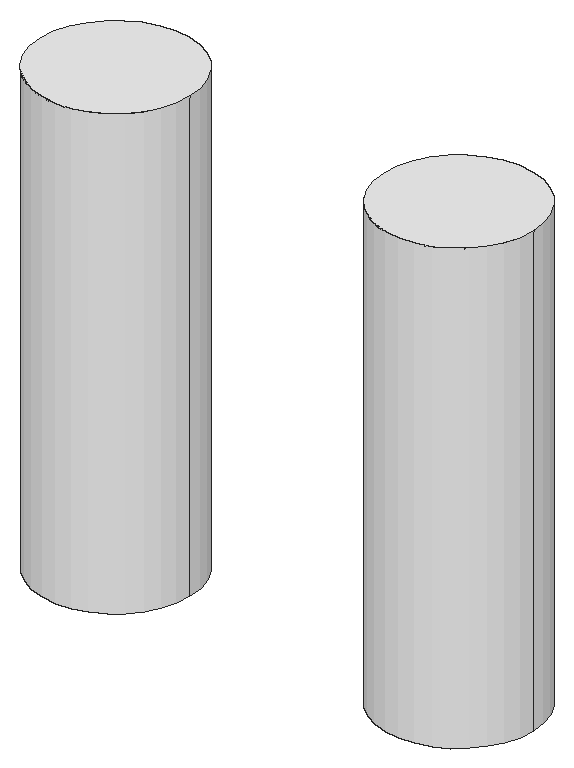
Revit family "00902201(2022)", category Plumbing Fixtures, Revit 2018
Family settings
  Round Connector Dimension = Use Diameter
  Part Type = Normal
  OmniClass Number = 23.45.55.00
  OmniClass Title = Sanitary Faucets, Wastes
  Work Plane-Based = No
  Always vertical = Yes
  Cut with Voids When Loaded = No
  Shared = No
  Room Calculation Point = No
Parameters (values of type "00902201 Cold water faucet")
  Working Pressure = "50 - 1000 kPa "
  WarrantyStartDate [instance] = "n/a"
  WarrantyGuarantorParts = "n/a"
  WarrantyGuarantorLabor = "n/a"
  WarrantyDurationUnit = "Year"
  WarrantyDurationParts = "n/a"
  WarrantyDurationLabor = "n/a"
  WarrantyDescription = "http://warranty.hansa.com"
  Warranty Information URL = "http://warranty.hansa.com"
  VersionDate = "23/11/2022"
  Version = "1"
  ValvePattern = "n/a"
  ValveOperation = "n/a"
  ValveMechanism = "n/a"
  Uniclass2015Reference = "Pr_40_20_87_96"
  Uniclass2015Description = "Washbasin manual water supply sets"
  Uniclass2 = "Pr_40_30_96_96"
  URL REACH = "http://static.hansa.com/doc/reach"
  URL Declaration of Conformity = "http://static.hansa.com/DoC/00902201"
  URL = ""
  UNSPSC Class Number = "30181700 Faucets or taps"
  Type Comments = ""
  TestPressure = "n/a"
  Technical DataSheet URL = "http://www.hansa.com/datasheet/00902201/en"
  TagNumber [instance] = "n/a"
  SustainabilityPerformance = "n/a"
  Surface treatment = "Chrome"
  Spout Type = "Fixed spout;Casted construction"
  Spout Projection = "84 mm "
  Spare-Part Information URL = "http://static.hansa.com/sp/00902201"
  Size = "50x120x145 mm"
  Shape = "Sculptured"
  SerialNumber [instance] = "n/a"
  Sales Package dimensions (LxWxH) = "380 x 180 x 74"
  Revision = "n/a"
  ReplacementCost = "n/a"
  ProductInformation = "n/a"
  Product URL = "http://static.hansa.com/00902201"
  Product Image URL = "http://static.hansa.com/image/00902201"
  Product Family = "HANSANOVA "
  Product Code = "00902201"
  OperatingMechanismMaterial = "n/a"
  NominalWidth = 46 mm
  NominalHeight = 142.017 mm
  NominalDepth = 119.99 mm
  Noise Class = "I (ISO 3822)"
  Name_en = "00902201 Cold water faucet"
  Name = "00902201 Cold water faucet"
  NBSReference = "45-35-70/371"
  NBSDescription = "Water supply fittings for wash basins and troughs"
  Mounting Holes = "1 hole"
  ModelReference = "00902201"
  ModelNumber = "n/a"
  Model = "00902201 Cold water faucet"
  Mobile Product Information URL = "http://mpi.hansa.com/00902201"
  Mechanical Parts = "Ceramic head part for flow control"
  Max. Hot Water Supply = 80 °C
  Material = "brassPlastic"
  Market = "International;Germany;Austria;Belgium;Netherlands;Italy"
  ManufacturerURL = "http://www.hansa.com"
  ManufacturerName = "HANSA"
  Manufacturer = "HANSA"
  Lever Handle = "Single operating lever/handle"
  Keynote = ""
  Interactive AR View URL = "https://static.hansa.com/AR/00902201"
  InstallationDate [instance] = "n/a"
  Installation and Maintenance Guide URL = "http://static.hansa.com/manual/00902201"
  Installation Type = "Deck mounted"
  InletConnectionSize = 10 mm
  IfcExportType = "FAUCET"  # constant formula
  IfcExportAs = "IfcValveType"  # constant formula
  Group = "Washbasin faucet"
  Grade = "n/a"
  FlowCoefficient = 0
  Flow Rate At 300kPa With Flow Controller = 0.1 L/s
  Flow Drawing URL = "http://static.hansa.com/flowchart/00902201"
  Finish = "Polished"
  Features = "Single-lever"
  FaucetMainMaterial = Brass
  FDV Document URL = "http://www.hansa.com/datasheet/00902201/en/fdv"
  ExpectedLife = "n/a"
  ETIM Class Number = "EC011328 Washbasin mixing tap"
  EN Standard = "EN 817"
  EAN Number = "4057304019807"
  DurationUnit = "Year"
  Dimension Drawing URL = "http://static.hansa.com/dimdrw/00902201"
  Description = ""
  DefaultElevation [instance] = 900 mm
  Constituents = "n/a"
  Connection Size = "G3/8 "
  Connection = "One inlet for cold or premixed water"
  Color = "Chrome"
  CodePerformance = "n/a"
  CloseOffRating = 0
  Catalog Drawing URL = "http://static.hansa.com/catdrw/00902201"
  Brand = "HANSA"
  BodyMaterial = "Brass"
  Barcode [instance] = "n/a"
  Backflow Prevention EN1717 = "AA"
  BIMObjectName = "00902201(2022)"
  Author = "BIMStone"
  AssetType = "Fixed"
  AssetIdentifier [instance] = "n/a"
  Aerator = "PCA® - constant flow rate regardless of pressure variations;Adjustable flow angle"
  Advanced Features = "Inner body made of DZR brass"
  AccessibilityPerformance = "n/a"
  3D View = "https://static.hansa.com/AR/00902201"
  2D/3D/BIM Files URL = "http://static.hansa.com/bim/00902201"
Reference planes
  plane 1 "Center (Front/Back)": y = 0
  plane 2: z = 0
  plane 3 "Center (Left/Right)": x = 0
  plane 4: x = -23
  plane 5: z = 900
  plane 6: z = 870
  plane 7: y = -119.99
  plane 8: x = 23
  plane 9: z = 1042.017
Forms (mm)
  Extrusion 1, solid, material "Brass" <- "FaucetMainMaterial"
    sketch origin (0, -0.5, 0) x (1, 0, 0) y (0, 1, 0)
      loop
        circle (-11.5, -22.5) r 5
      loop
        circle (11.5, -22.5) r 5
    from 870 to 900
Dimensions and locks
  "DefaultElevation": plane 5 to level
  locked: plane 5 to plane 6 at 30
  "NominalDepth": plane 7 to plane 1 "Center (Front/Back)"
  equal spacing: plane 4, plane 3 "Center (Left/Right)", plane 8
  "NominalHeight": plane 9 to plane 5
  "NominalWidth": plane 4 to plane 8
  "InletConnectionSize": diameter of Extrusion 1 sketch curve  (x2)
  aligned and locked: level to plane 2
  aligned and locked: plane 5 to Extrusion 1
  aligned and locked: Extrusion 1 to plane 6
  aligned and locked: plane 1 "Center (Front/Back)" to nested 2
  aligned and locked: plane 3 "Center (Left/Right)" to nested 2
  aligned and locked: plane 3 "Center (Left/Right)" to nested 1
  aligned and locked: plane 1 "Center (Front/Back)" to nested 1
  aligned and locked: plane 5 to nested 2
Automatic sketch dimensions
  Extrusion 1 sketch curve to plane 3 "Center (Left/Right)" = 11.5 mm
  plane 3 "Center (Left/Right)" to Extrusion 1 sketch curve = 11.5 mm
  plane 1 "Center (Front/Back)" to Extrusion 1 sketch curve = 23 mm  (x2)
Nested families
  nested 1: "Symbol" at (0, 0, 0), type "Symbol", detail levels coarse
  nested 2: "00902201_Body" at (0, 0, 900), Material <- "FaucetMainMaterial", type "00902201_Body"
    with Material Brass
Connectors
  piping at (-11.5, -23, 870), diameter 10, driven by "InletConnectionSize", driven by "Flow Rate At 300kPa With Flow Controller"
    settings: on Extrusion 1, index 1, connector inside diameter 609.6 mm, connector length 0 mm, flow factor 0, pipe flow 0.1 L/s, pressure drop 0.0 Pa, fitting loss kfactor 0, connector angle 0.00°, fixture units 0, engagement length 0 mm, angle of deflection 0.00°, flow configuration 1, flow direction 1, fitting loss method 0, system type 19, joint type 0, gender type 0, connector reference index -1, connector utility 0, adjustable connector no, is connector primary yes, connector description ""
  piping at (11.5, -23, 870), diameter 10, driven by "InletConnectionSize", driven by "Flow Rate At 300kPa With Flow Controller"
    settings: on Extrusion 1, index 2, connector inside diameter 609.6 mm, connector length 0 mm, flow factor 0, pipe flow 0.1 L/s, pressure drop 0.0 Pa, fitting loss kfactor 0, connector angle 0.00°, fixture units 0, engagement length 0 mm, angle of deflection 0.00°, flow configuration 1, flow direction 1, fitting loss method 0, system type 20, joint type 0, gender type 0, connector reference index -1, connector utility 0, adjustable connector no, is connector primary no, connector description ""
Definition of nested family "Symbol"
  Reference planes
    plane 1: y = 0
    plane 2: x = 0
  Lines and regions (mm)
    detail lines
      curve 1: line (0, 0, 0) -> (0, -1.8, 0)
      curve 2: line (-0.4, -1.1, 0) -> (0.4, -1.1, 0)
      curve 3: line (-0.4, -1.4, 0) -> (0.4, -1.4, 0)
      curve 4: line (0.863, 0, 0) -> (-0.863, 0, 0)
      curve 5: circle (-1.163, 0, 0) r 0.3 normal (0, 0, -1)
      curve 6: circle (1.163, 0, 0) r 0.3 normal (0, 0, 1)
Definition of nested family "00902201_Body"
  Parameters (values of type "00902201_Body")
    Material [instance] = none
  Reference planes
    plane 1 "Center (Front/Back)": y = 0
    plane 2: z = 0
    plane 3 "Center (Left/Right)": x = 0
    plane 4: z = 142.017
    plane 5: y = -119.99
    plane 6: x = -23
    plane 7: x = 23
  Forms (mm)
    Extrusion 1, solid, material <- "Material", detail levels medium
      sketch origin (0, 0, 11.035) x (0, 1, 0) y (0, 0, 1)
        loop
          line (-23.504, 89.465) -> (-118.83, 89.465)
          arc (-118.83, 89.465) -> (-119.65, 89.126) -> (-119.99, 88.305) r 1.16
          line (-119.99, 88.305) -> (-119.99, 79.715) -> (-91.329, 68.713) -> (-23.504, 64.632) -> (-23.504, 89.465)
      from -20 to 20
    Revolve 2, solid, material <- "Material", detail levels medium
      sketch origin (0, 17, 11.035) x (0, 1, 0) y (0, 0, 1)
        loop
          line (-123.641, 68.298) -> (-112.481, 64.014) -> (-109.32, 72.25) -> (-120.48, 76.534) -> (-123.641, 68.298)
        axis (-120.48, 76.534) -> (-123.641, 68.298)
      angle from 0 to 360
    Extrusion 3, solid, material <- "Material", detail levels coarse
      sketch origin (0, 0, 0) x (1, 0, 0) y (0, 1, 0)
        loop
          line (-23, 0) -> (-23, -119.99) -> (23, -119.99) -> (23, 0) -> (-23, 0)
      from 0 to 142.017
    Revolve 4, solid, material <- "Material", detail levels medium
      sketch origin (0, 0, 0) x (0, 1, 0) y (0, 0, 1)
        loop
          line (0, 0) -> (-3.52, 142.017) -> (-23, 142.017) -> (-23, 0) -> (0, 0)
        axis (-23, 0) -> (-23, 142.017)
      angle from 0 to 90
    Extrusion 5, solid, material <- "Material", detail levels medium
      sketch origin (0, 0, 0) x (1, 0, 0) y (0, 1, 0)
        loop
          circle (0, -43.859) r 3.561
      from 116.303 to 142.017
  Cuts and joins
    joined: Extrusion 1, Revolve 2, Revolve 4, Extrusion 5
  Lines and regions (mm)
    symbolic lines, detail levels medium+fine
      curve 1: line (0, -3.496, 141.042) -> (0, 0, 0)
      curve 2: line (0, 0, 0) -> (0, -46, 0)
      curve 3: line (0, -4.496, 142.017) -> (0, -42.48, 142.017)
      curve 4: line (0, -47.419, 119.303) -> (0, -47.419, 140.735)
      curve 5: line (0, -46.137, 142.017) -> (0, -42.48, 142.017)
      curve 6: arc (0, -43.734, 116.383) -> (0, -46.283, 116.952) -> (0, -47.419, 119.303) r 3
      curve 7: arc (0, -47.419, 140.735) -> (0, -47.044, 141.641) -> (0, -46.137, 142.017) r 1.282
      curve 8: line (0, -42.506, 115.409) -> (0, -42.506, 100.5)
      curve 10: line (0, -119.99, 99.5) -> (0, -119.99, 96.79)
      curve 11: arc (0, -119.99, 96.79) -> (0, -119.486, 93.237) -> (0, -118.015, 89.964) r 12.778
      curve 12: line (0, -118.015, 89.964) -> (0, -115.705, 89.078)
      curve 13: line (0, -91.542, 79.802) -> (0, -56.634, 77.747)
      curve 14: line (0, -44.403, 64.448) -> (0, -46, 0)
      curve 15: arc (0, -56.634, 77.747) -> (0, -47.83, 73.57) -> (0, -44.403, 64.448) r 13
      curve 16: arc (0, -42.506, 115.409) -> (0, -42.885, 116.193) -> (0, -43.734, 116.383) r 1
      curve 17: arc (0, -4.496, 142.017) -> (0, -3.797, 141.733) -> (0, -3.496, 141.042) r 1
      curve 19: line (0, -42.506, 100.5) -> (0, -118.99, 100.5)
      curve 20: line (0, -95.481, 75.049) -> (0, -117.801, 83.616)
      curve 21: line (0, -95.481, 75.049) -> (0, -93.385, 80.51)
      curve 22: line (0, -117.801, 83.616) -> (0, -115.705, 89.078)
      curve 24: line (0, -93.385, 80.51) -> (0, -91.542, 79.802)
      curve 25: arc (0, -118.99, 100.5) -> (0, -119.697, 100.207) -> (0, -119.99, 99.5) r 1
      curve 33: line (-19.472, 0, 99.535) -> (-23, 0, 0)
      curve 34: line (-18.473, 0, 100.5) -> (-17.526, 0, 100.5)
      curve 35: arc (-19.472, 0, 99.535) -> (-19.167, 0, 100.22) -> (-18.473, 0, 100.5) r 1
      curve 36: line (-18.489, 0, 101.005) -> (-17.526, 0, 101.005)
      curve 37: line (-19.489, 0, 102.005) -> (-19.489, 0, 141.017)
      curve 38: line (0, 0, 142.017) -> (-18.489, 0, 142.017)
      curve 39: arc (-18.489, 0, 142.017) -> (-19.196, 0, 141.724) -> (-19.489, 0, 141.017) r 1
      curve 40: arc (-19.489, 0, 102.005) -> (-19.196, 0, 101.298) -> (-18.489, 0, 101.005) r 1
      curve 41: line (-17.526, 0, 101.005) -> (-17.526, 0, 100.5)
      curve 45: line (19.472, 0, 99.535) -> (23, 0, 0)
      curve 46: line (18.473, 0, 100.5) -> (17.526, 0, 100.5)
      curve 47: arc (19.472, 0, 99.535) -> (19.167, 0, 100.22) -> (18.473, 0, 100.5) r 1
      curve 48: line (18.489, 0, 101.005) -> (17.526, 0, 101.005)
      curve 49: line (19.489, 0, 102.005) -> (19.489, 0, 141.017)
      curve 50: line (0, 0, 142.017) -> (18.489, 0, 142.017)
      curve 51: arc (18.489, 0, 142.017) -> (19.196, 0, 141.724) -> (19.489, 0, 141.017) r 1
      curve 52: arc (19.489, 0, 102.005) -> (19.196, 0, 101.298) -> (18.489, 0, 101.005) r 1
      curve 53: line (17.526, 0, 101.005) -> (17.526, 0, 100.5)
      curve 58: line (-23, 0, 0) -> (23, 0, 0)
      curve 59: arc (18.917, -36.082, 0) -> (0, 0, 0) -> (-18.917, -36.082, 0) r 23
      curve 61: spline (16.641, -103.393, 0) -> (15.791, -107.774, 0) -> (13.975, -111.795, 0) -> (11.306, -115.21, 0) -> (7.944, -117.81, 0) -> (4.097, -119.437, 0) -> (0, -119.99, 0) -> (-4.097, -119.437, 0) -> (-7.944, -117.81, 0) -> (-11.306, -115.21, 0) -> (-13.975, -111.795, 0) -> (-15.791, -107.774, 0) -> (-16.641, -103.393, 0)
      curve 63: line (18.917, -36.082, 0) -> (16.641, -103.393, 0)
      curve 64: line (-18.917, -36.082, 0) -> (-16.641, -103.393, 0)
    symbolic lines, detail levels fine
      curve 9: line (0, -2.491, 100.5) -> (0, -42.506, 100.5)
      curve 18: line (0, -42.506, 115.409) -> (0, -42.506, 142.219)
      curve 23: line (0, -115.705, 89.078) -> (0, -93.385, 80.51)
      curve 26: line (-11.073, 0, 78.301) -> (-11.073, 0, 84.66)
      curve 27: spline (11.073, 0, 78.301) -> (10.696, 0, 77.569) -> (9.59, 0, 76.886) -> (7.83, 0, 76.3) -> (5.537, 0, 75.85) -> (2.866, 0, 75.568) -> (0, 0, 75.471) -> (-2.866, 0, 75.568) -> (-5.537, 0, 75.85) -> (-7.83, 0, 76.3) -> (-9.59, 0, 76.886) -> (-10.696, 0, 77.569) -> (-11.073, 0, 78.301) -> (-10.696, 0, 79.034) -> (-9.59, 0, 79.717) -> (-7.83, 0, 80.303) -> (-5.537, 0, 80.753) -> (-2.866, 0, 81.035) -> (0, 0, 81.132) -> (2.866, 0, 81.035) -> (5.537, 0, 80.753) -> (7.83, 0, 80.303) -> (9.59, 0, 79.717) -> (10.696, 0, 79.034) -> (11.073, 0, 78.301)
      curve 28: spline (12.066, 0, 84.66) -> (11.655, 0, 85.802) -> (10.449, 0, 86.866) -> (8.532, 0, 87.779) -> (6.033, 0, 88.48) -> (3.123, 0, 88.921) -> (0, 0, 89.071) -> (-3.123, 0, 88.921) -> (-6.033, 0, 88.48) -> (-8.532, 0, 87.779) -> (-10.449, 0, 86.866) -> (-11.655, 0, 85.802) -> (-12.066, 0, 84.66)
      curve 29: arc (-12.066, 0, 84.66) -> (-11.812, 0, 82.995) -> (-11.073, 0, 81.481) r 5.589
      curve 30: arc (12.066, 0, 84.66) -> (11.812, 0, 82.995) -> (11.073, 0, 81.481) r 5.589
      curve 31: line (11.073, 0, 78.301) -> (11.073, 0, 84.66)
      curve 32: line (-11.073, 0, 84.66) -> (11.073, 0, 84.66)
      curve 42: line (-3.512, 0, 119.476) -> (-3.512, 0, 142.017)
      curve 43: line (3.512, 0, 119.476) -> (3.512, 0, 142.017)
      curve 44: arc (3.512, 0, 119.476) -> (0, 0, 115.964) -> (-3.512, 0, 119.476) r 3.512
      curve 54: line (17.526, 0, 100.5) -> (0, 0, 100.5)
      curve 55: line (17.526, 0, 101.005) -> (0, 0, 101.005)
      curve 56: line (-17.526, 0, 100.5) -> (0, 0, 100.5)
      curve 57: line (-17.526, 0, 101.005) -> (0, 0, 101.005)
      curve 60: line (-19.379, -22.423, 0) -> (-18.917, -36.082, 0)
      curve 62: line (19.379, -22.423, 0) -> (18.917, -36.082, 0)
      curve 65: arc (-3.56, -43.789, 0) -> (0, -47.419, 0) -> (3.56, -43.789, 0) r 3.561
      curve 66: arc (5.04, -41.818, 0) -> (0, -3.703, 0) -> (-5.04, -41.818, 0) r 19.391
      curve 67: arc (-5.04, -41.818, 0) -> (-3.96, -42.549, 0) -> (-3.56, -43.789, 0) r 2
      curve 68: arc (3.56, -43.789, 0) -> (3.96, -42.549, 0) -> (5.04, -41.818, 0) r 2
  Dimensions and locks
    aligned and locked: level to plane 2
